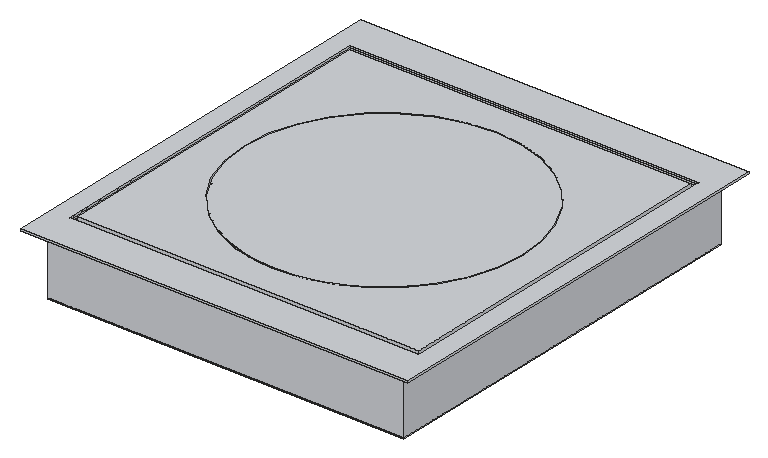
Revit family "Unterflurdose UGD350-3 für GESR9_55", category Generic Models, Revit 2015
Parameters (values of type "UGD55 350-3R9R")
  URL = "http://www.obo-bettermann.com"
  Size "b" = 383 mm
  Size "a" = 362 mm
  Outer Diameter Dimension = Diameter dimesion + 3 mm  # 306 mm
  Material = Steel, Galvanized
  Manufacturer Art. No. = "7410064"
  Manufacturer = "OBO Bettermann"
  HeightCalc = if(Height < 55 mm, 55 mm, (if(Height > 80 mm, 80 mm, Height)))  # 70 mm
  Height = 70 mm
  GTIN = "4012195678779"
  Diameter dimesion = 303 mm
  Cover size "b" = 244 mm
  Cover size "a" = 244 mm
  Cover diameter = Diameter dimesion + 1 mm  # 304 mm
  Cover Width = 373 mm
  Article Type = "UGD55 350-3R9R"
  "B" Dimension = 467 mm
  "A" Dimension = 467 mm
Reference planes
  plane 1 "Center (Front/Back)": y = 0
  plane 2: z = 0
  plane 3 "Center (Left/Right)": x = 0
  plane 4: z = 1
  plane 5: x = -233.5
  plane 6: y = -233.5
  plane 7: x = 233.5
  plane 8: y = 233.5
  plane 9: y = -217
  plane 10: x = 195.5
  plane 11: y = 217
  plane 12: x = -195.5
  plane 13: z = 68
  plane 14: z = 70
  plane 15: x = -212
  plane 16: x = 212
  plane 17: y = 191.5
  plane 18: x = 191.5
  plane 19: x = -191.5
  plane 20: y = -191.5
  plane 21: z = 66
  plane 22: y = 181
  plane 23: y = -181
  plane 24: x = 181
  plane 25: x = -181
  plane 26: y = -186.5
  plane 27: x = 186.5
  plane 28: y = 186.5
  plane 29: x = -186.5
  plane 30: z = 67
Forms (mm)
  Extrusion 1, solid
    sketch origin (0, 0, 0) x (1, 0, 0) y (0, 1, 0)
      loop
        line (233.5, 233.5) -> (-233.5, 233.5) -> (-233.5, -233.5) -> (233.5, -233.5) -> (233.5, 233.5)
    from 0 to 1
  Extrusion 2, solid
    sketch origin (0, 0, 0) x (1, 0, 0) y (0, 1, 0)
      loop
        line (-195.5, 217) -> (-195.5, -217) -> (195.5, -217) -> (195.5, 217) -> (-195.5, 217)
    from 1 to 68
  Extrusion 3, solid
    sketch origin (0, 0, 0) x (1, 0, 0) y (0, 1, 0)
      loop
        line (-212, 233.5) -> (-212, -233.5) -> (212, -233.5) -> (212, 233.5) -> (-212, 233.5)
    from 68 to 70
  Extrusion 4, void
    sketch origin (0, 0, 0) x (1, 0, 0) y (0, 1, 0)
      loop
        line (-191.5, 191.5) -> (-191.5, -191.5) -> (191.5, -191.5) -> (191.5, 191.5) -> (-191.5, 191.5)
    from 66 to 70
  Extrusion 5, void
    sketch origin (0, 0, 0) x (1, 0, 0) y (0, 1, 0)
      loop
        line (-181, 181) -> (-181, -181) -> (181, -181) -> (181, 181) -> (-181, 181)
    from 1 to 66
  Extrusion 6, solid
    sketch origin (0, 0, 0) x (1, 0, 0) y (0, 1, 0)
      loop
        line (-186.5, 186.5) -> (-186.5, -186.5) -> (186.5, -186.5) -> (186.5, 186.5) -> (-186.5, 186.5)
    from 66 to 70
  Extrusion 7, void
    sketch origin (0, 0, 0) x (1, 0, 0) y (0, 1, 0)
      loop
        circle (0, 0) r 151.5
    from 66 to 67
  Extrusion 8, void
    sketch origin (0, 0, 0) x (1, 0, 0) y (0, 1, 0)
      loop
        circle (0, 0) r 153
    from 67 to 70
  Extrusion 9, solid
    sketch origin (0, 0, 0) x (1, 0, 0) y (0, 1, 0)
      loop
        circle (0, 0) r 152
    from 67 to 70
  Extrusion 10, void
    sketch origin (0, 0, 0) x (1, 0, 0) y (0, 0, 1)
      loop
        line (195.5, 1) -> (195.5, 0) -> (233.5, 0) -> (233.5, 1) -> (195.5, 1)
      loop
        line (-195.5, 1) -> (-233.5, 1) -> (-233.5, 0) -> (-195.5, 0) -> (-195.5, 1)
    from -233.5 to 233.5
  Extrusion 11, void
    sketch origin (0, 0, 0) x (0, 1, 0) y (0, 0, 1)
      loop
        line (-217, 1) -> (-233.5, 1) -> (-233.5, 0) -> (-217, 0) -> (-217, 1)
      loop
        line (217, 1) -> (217, 0) -> (233.5, 0) -> (233.5, 1) -> (217, 1)
    from -233.5 to 233.5
Cuts and joins
  Extrusion 4, Extrusion 5, Extrusion 7, Extrusion 8, Extrusion 10, Extrusion 11 cuts Extrusion 1
  Extrusion 4, Extrusion 5 cuts Extrusion 2
  Extrusion 4 cuts Extrusion 3
  Extrusion 7, Extrusion 8 cuts Extrusion 6
Lines and regions (mm)
  model lines
    curve 1: line (-195.5, 217, 0) -> (195.5, 217, 0)
    curve 2: line (195.5, 217, 0) -> (195.5, -217, 0)
    curve 3: line (195.5, -217, 0) -> (-195.5, -217, 0)
    curve 4: line (-195.5, -217, 0) -> (-195.5, 217, 0)
    curve 5: line (-191.5, 191.5, 0) -> (191.5, 191.5, 0)
    curve 6: line (191.5, 191.5, 0) -> (191.5, -191.5, 0)
    curve 7: line (191.5, -191.5, 0) -> (-191.5, -191.5, 0)
    curve 8: line (-191.5, -191.5, 0) -> (-191.5, 191.5, 0)
    curve 9: line (-181, 181, 0) -> (181, 181, 0)
    curve 10: line (181, 181, 0) -> (181, -181, 0)
    curve 11: line (181, -181, 0) -> (-181, -181, 0)
    curve 12: line (-181, -181, 0) -> (-181, 181, 0)
    curve 13: line (-186.5, 186.5, 0) -> (186.5, 186.5, 0)
    curve 14: line (186.5, 186.5, 0) -> (186.5, -186.5, 0)
    curve 15: line (186.5, -186.5, 0) -> (-186.5, -186.5, 0)
    curve 16: line (-186.5, -186.5, 0) -> (-186.5, 186.5, 0)
    curve 19: circle (0, 0, 0) r 151.5 normal (0, 0, 1)
  reference lines
    curve 17: circle (0, 0, 0) r 153 normal (0, 0, 1)
    curve 18: circle (0, 0, 0) r 151.5 normal (0, 0, 1)
    curve 20: circle (0, 0, 0) r 152 normal (0, 0, 1)
Dimensions and locks
  locked: level to plane 4 at 1
  equal spacing: plane 6, plane 1 "Center (Front/Back)", plane 8
  ""A" Dimension": plane 6 to plane 8
  equal spacing: plane 5, plane 3 "Center (Left/Right)", plane 7
  ""B" Dimension": plane 5 to plane 7
  locked: plane 13 to plane 14 at 2
  equal spacing: plane 19, plane 3 "Center (Left/Right)", plane 18
  "Size "b"": plane 19 to plane 18
  equal spacing: plane 17, plane 1 "Center (Front/Back)", plane 20
  "Size "b"": plane 17 to plane 20
  "HeightCalc": level to plane 14
  locked: plane 21 to plane 14 at 4
  equal spacing: plane 25, plane 3 "Center (Left/Right)", plane 24
  "Size "a"": plane 25 to plane 24
  equal spacing: plane 22, plane 1 "Center (Front/Back)", plane 23
  "Size "a"": plane 22 to plane 23
  equal spacing: plane 29, plane 3 "Center (Left/Right)", plane 27
  "Cover Width": plane 29 to plane 27
  equal spacing: plane 28, plane 1 "Center (Front/Back)", plane 26
  "Cover Width": plane 28 to plane 26
  locked: plane 11 to plane 8 at 16.5
  locked: plane 9 to plane 6 at 16.5
  locked: plane 10 to plane 7 at 38
  locked: plane 5 to plane 12 at 38
  locked: plane 5 to plane 15 at 21.5
  locked: plane 16 to plane 7 at 21.5
  locked: plane 30 to plane 14 at 3
  "Outer Diameter Dimension": diameter of curve 17
  "Cover diameter": diameter of curve 20
  aligned and locked: level to plane 2
  aligned and locked: plane 4 to Extrusion 1
  aligned and locked: plane 11 to curve 1
  aligned and locked: curve 2 to plane 10
  aligned and locked: plane 9 to curve 3
  aligned and locked: curve 4 to plane 12
  aligned and locked: Extrusion 2 sketch curve to curve 1
  aligned and locked: Extrusion 2 sketch curve to curve 2
  aligned and locked: Extrusion 2 sketch curve to curve 3
  aligned and locked: Extrusion 2 sketch curve to curve 4
  aligned and locked: plane 13 to Extrusion 2
  aligned and locked: Extrusion 2 to plane 4
  aligned and locked: plane 6 to Extrusion 3 sketch curve
  aligned and locked: Extrusion 3 sketch curve to plane 8
  aligned and locked: Extrusion 3 to plane 13
  aligned and locked: plane 14 to Extrusion 3
  aligned and locked: curve 5 to plane 17
  aligned and locked: curve 6 to plane 18
  aligned and locked: plane 20 to curve 7
  aligned and locked: curve 8 to plane 19
  aligned and locked: Extrusion 1 to level
  aligned and locked: Extrusion 4 sketch curve to curve 5
  aligned and locked: Extrusion 4 sketch curve to curve 6
  aligned and locked: Extrusion 4 sketch curve to curve 7
  aligned and locked: Extrusion 4 sketch curve to curve 8
  aligned and locked: plane 14 to Extrusion 4
  aligned and locked: Extrusion 4 to plane 21
  aligned and locked: curve 9 to plane 22
  aligned and locked: curve 10 to plane 24
  aligned and locked: plane 23 to curve 11
  aligned and locked: curve 12 to plane 25
  aligned and locked: Extrusion 5 sketch curve to curve 9
  aligned and locked: Extrusion 5 sketch curve to curve 12
  aligned and locked: Extrusion 5 sketch curve to curve 11
  aligned and locked: Extrusion 5 sketch curve to curve 10
  aligned and locked: plane 21 to Extrusion 5
  aligned and locked: Extrusion 5 to plane 4
  aligned and locked: curve 13 to plane 28
  aligned and locked: curve 14 to plane 27
  aligned and locked: curve 15 to plane 26
  aligned and locked: curve 16 to plane 29
  aligned and locked: Extrusion 6 sketch curve to curve 13
  aligned and locked: Extrusion 6 sketch curve to curve 16
  aligned and locked: Extrusion 6 sketch curve to curve 15
  aligned and locked: Extrusion 6 sketch curve to curve 14
  aligned and locked: Extrusion 6 to plane 21
  aligned and locked: plane 14 to Extrusion 6
  aligned and locked: curve 19 to curve 18
  aligned and locked: Extrusion 7 sketch curve to curve 19
  aligned and locked: Extrusion 7 to plane 21
  aligned and locked: Extrusion 7 to plane 30
  aligned and locked: Extrusion 8 sketch curve to curve 17
  aligned and locked: plane 30 to Extrusion 8
  aligned and locked: plane 14 to Extrusion 8
  aligned and locked: Extrusion 9 sketch curve to curve 20
  aligned and locked: plane 30 to Extrusion 9
  aligned and locked: plane 14 to Extrusion 9
  aligned and locked: plane 4 to Extrusion 10 sketch curve
  aligned and locked: Extrusion 10 sketch curve to plane 10
  aligned and locked: Extrusion 10 sketch curve to level
  aligned and locked: Extrusion 10 sketch curve to plane 7
  aligned and locked: Extrusion 10 sketch curve to plane 4
  aligned and locked: plane 5 to Extrusion 10 sketch curve
  aligned and locked: level to Extrusion 10 sketch curve
  aligned and locked: Extrusion 10 sketch curve to plane 12
  aligned and locked: Extrusion 11 sketch curve to plane 9
  aligned and locked: Extrusion 11 sketch curve to plane 4
  aligned and locked: plane 6 to Extrusion 11 sketch curve
  aligned and locked: level to Extrusion 11 sketch curve
  aligned and locked: plane 4 to Extrusion 11 sketch curve
  aligned and locked: Extrusion 11 sketch curve to plane 8
  aligned and locked: plane 11 to Extrusion 11 sketch curve
  aligned and locked: Extrusion 11 sketch curve to level
  aligned and locked: Extrusion 11 to Extrusion 1  (x2)
Automatic sketch dimensions
  curve 17 to curve 18 = 0 mm  (x2)
  curve 17 to curve 20 = 0 mm  (x2)
  plane 1 "Center (Front/Back)" to curve 18 = 0 mm
  curve 18 to plane 3 "Center (Left/Right)" = 0 mm
  Extrusion 1 sketch curve to plane 5 = 0 mm
  Extrusion 3 sketch curve to plane 15 = 0 mm
  Extrusion 1 sketch curve to plane 6 = 0 mm
  plane 8 to Extrusion 1 sketch curve = 0 mm
  Extrusion 1 sketch curve to plane 7 = 0 mm
  Extrusion 3 sketch curve to plane 16 = 0 mm
  radius of curve 18 = 151.5 mm
